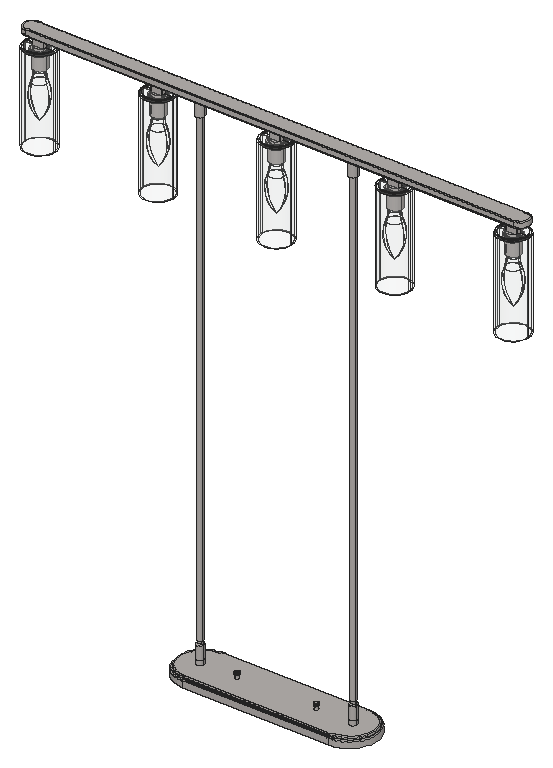
Revit family "Light_Fixture-Chandelier-KOHLER-Crue-K-35877_1", category Lighting Fixtures, host Face, Revit 2024 (continued)
Definition of nested family "K-35877"
  Forms (in)
    Revolve 18, solid
      sketch origin (0, 0, 0) x (1, 0, 0) y (0, 0, 1)
        loop
          arc (21.76956, 42.2312) -> (21.65042, 42.6618) -> (21.61027, 43.10677) r 2.48593
          line (21.61027, 43.10677) -> (21.61027, 43.37073)
        axis (21.12205, 39.10946) -> (21.12205, 43.37073)
      angle from 0 to 360
    Revolve 19, solid
      sketch origin (-10.57087, 0, 0) x (1, 0, 0) y (0, 0, 1)
        loop
          line (21.61027, 43.37073) -> (21.5709, 43.37073) -> (21.5709, 43.10677)
          arc (21.5709, 43.10677) -> (21.61168, 42.65475) -> (21.73272, 42.21733) r 2.5253
          arc (21.73272, 42.21733) -> (21.86395, 40.60453) -> (21.12205, 39.16649) r 2.94049
          line (21.12205, 39.16649) -> (21.12205, 39.10946)
          arc (21.12205, 39.10946) -> (21.89841, 40.57645) -> (21.76956, 42.2312) r 2.97986
          arc (21.76956, 42.2312) -> (21.65042, 42.6618) -> (21.61027, 43.10677) r 2.48593
          line (21.61027, 43.10677) -> (21.61027, 43.37073)
        axis (21.12205, 39.10946) -> (21.12205, 43.37073)
      angle from 0 to 360
    Revolve 20, solid
      sketch origin (-21.12205, 0, 0) x (1, 0, 0) y (0, 0, 1)
        loop
          line (21.61027, 43.37073) -> (21.5709, 43.37073) -> (21.5709, 43.10677)
          arc (21.5709, 43.10677) -> (21.61168, 42.65475) -> (21.73272, 42.21733) r 2.5253
          arc (21.73272, 42.21733) -> (21.86395, 40.60453) -> (21.12205, 39.16649) r 2.94049
          line (21.12205, 39.16649) -> (21.12205, 39.10946)
          arc (21.12205, 39.10946) -> (21.89841, 40.57645) -> (21.76956, 42.2312) r 2.97986
          arc (21.76956, 42.2312) -> (21.65042, 42.6618) -> (21.61027, 43.10677) r 2.48593
          line (21.61027, 43.10677) -> (21.61027, 43.37073)
        axis (21.12205, 39.10946) -> (21.12205, 43.37073)
      angle from 0 to 360
    Revolve 21, solid
      sketch origin (-31.67323, 0, 0) x (1, 0, 0) y (0, 0, 1)
        loop
          line (21.61027, 43.37073) -> (21.5709, 43.37073) -> (21.5709, 43.10677)
          arc (21.5709, 43.10677) -> (21.61168, 42.65475) -> (21.73272, 42.21733) r 2.5253
          arc (21.73272, 42.21733) -> (21.86395, 40.60453) -> (21.12205, 39.16649) r 2.94049
          line (21.12205, 39.16649) -> (21.12205, 39.10946)
          arc (21.12205, 39.10946) -> (21.89841, 40.57645) -> (21.76956, 42.2312) r 2.97986
          arc (21.76956, 42.2312) -> (21.65042, 42.6618) -> (21.61027, 43.10677) r 2.48593
          line (21.61027, 43.10677) -> (21.61027, 43.37073)
        axis (21.12205, 39.10946) -> (21.12205, 43.37073)
      angle from 0 to 360
    Revolve 22, solid
      sketch origin (-42.22441, 0, 0) x (1, 0, 0) y (0, 0, 1)
        loop
          line (21.61027, 43.37073) -> (21.5709, 43.37073) -> (21.5709, 43.10677)
          arc (21.5709, 43.10677) -> (21.61168, 42.65475) -> (21.73272, 42.21733) r 2.5253
          arc (21.73272, 42.21733) -> (21.86395, 40.60453) -> (21.12205, 39.16649) r 2.94049
          line (21.12205, 39.16649) -> (21.12205, 39.10946)
          arc (21.12205, 39.10946) -> (21.89841, 40.57645) -> (21.76956, 42.2312) r 2.97986
          arc (21.76956, 42.2312) -> (21.65042, 42.6618) -> (21.61027, 43.10677) r 2.48593
          line (21.61027, 43.10677) -> (21.61027, 43.37073)
        axis (21.12205, 39.10946) -> (21.12205, 43.37073)
      angle from 0 to 360
    Extrusion 23, solid, material <- "Material", detail levels coarse
      sketch origin (0, 0, 0) x (1, 0, 0) y (0, 1, 0)
        loop
          arc (-21.73224, 0.76061) -> (-22.49285, 0) -> (-21.73224, -0.76061) r 0.76061
          line (-21.73224, -0.76061) -> (21.73706, -0.76061)
          arc (21.73706, -0.76061) -> (22.49767, 0) -> (21.73706, 0.76061) r 0.76061
          line (21.73706, 0.76061) -> (-21.73224, 0.76061)
      from 45.94283 to 46.49606
    Extrusion 24, solid, material <- "Material", detail levels coarse
      sketch origin (0, 0, 0) x (1, 0, 0) y (0, 1, 0)
        loop
          line (3.38583, 0.55118) -> (2.51969, 0.55118)
          arc (2.51969, 0.55118) -> (1.9685, 0) -> (2.51969, -0.55118) r 0.55118
          line (2.51969, -0.55118) -> (3.38583, -0.55118)
          arc (3.38583, -0.55118) -> (3.93701, 0) -> (3.38583, 0.55118) r 0.55118
        loop
          line (-2.51969, 0.55118) -> (-3.38583, 0.55118)
          arc (-3.38583, 0.55118) -> (-3.93701, 0) -> (-3.38583, -0.55118) r 0.55118
          line (-3.38583, -0.55118) -> (-2.51969, -0.55118)
          arc (-2.51969, -0.55118) -> (-1.9685, 0) -> (-2.51969, 0.55118) r 0.55118
      from 45.86963 to 45.94283
  Cuts and joins
    Extrusion 15 cuts Sweep 1
    Extrusion 15 cuts Extrusion 2
    joined: Sweep 1, Extrusion 2
    Extrusion 17 cuts Extrusion 16
    Extrusion 15 cuts Extrusion 14
  Lines and regions (in)
    Masking region 1
      outline origin (0, 0, 0) x (1, 0, 0) y (0, 1, 0)
        loop
          arc (-19.95335, 0.76061) -> (-21.49952, 1.31948) -> (-22.48031, 0) r 1.37795
          arc (-22.48031, 0) -> (-21.49952, -1.31948) -> (-19.95335, -0.76061) r 1.37795
          line (-19.95335, -0.76061) -> (-11.70019, -0.76061)
          arc (-11.70019, -0.76061) -> (-10.55118, -1.37795) -> (-9.40217, -0.76061) r 1.37795
          line (-9.40217, -0.76061) -> (-8.73246, -0.76061)
          arc (-8.73246, -0.76061) -> (-7.87143, -1.92051) -> (-6.49606, -2.3622) r 2.3622
          line (-6.49606, -2.3622) -> (0, -2.3622) -> (6.49606, -2.3622)
          arc (6.49606, -2.3622) -> (7.87143, -1.92051) -> (8.73246, -0.76061) r 2.3622
          line (8.73246, -0.76061) -> (9.40217, -0.76061)
          arc (9.40217, -0.76061) -> (10.55118, -1.37795) -> (11.70019, -0.76061) r 1.37795
          line (11.70019, -0.76061) -> (19.95335, -0.76061)
          arc (19.95335, -0.76061) -> (21.49952, -1.31948) -> (22.48031, 0) r 1.37795
          arc (22.48031, 0) -> (21.49952, 1.31948) -> (19.95335, 0.76061) r 1.37795
          line (19.95335, 0.76061) -> (11.70019, 0.76061)
          arc (11.70019, 0.76061) -> (10.55118, 1.37795) -> (9.40217, 0.76061) r 1.37795
          line (9.40217, 0.76061) -> (8.73246, 0.76061)
          arc (8.73246, 0.76061) -> (7.87143, 1.92051) -> (6.49606, 2.3622) r 2.3622
          line (6.49606, 2.3622) -> (0, 2.3622) -> (-6.49606, 2.3622)
          arc (-6.49606, 2.3622) -> (-7.87143, 1.92051) -> (-8.73246, 0.76061) r 2.3622
          line (-8.73246, 0.76061) -> (-9.40217, 0.76061)
          arc (-9.40217, 0.76061) -> (-10.55118, 1.37795) -> (-11.70019, 0.76061) r 1.37795
          line (-11.70019, 0.76061) -> (-19.95335, 0.76061)
    Masking region 2
      outline origin (0, 0, 0) x (1, 0, 0) y (0, 0, 1)
        loop
          line (-21.10236, 37) -> (-19.72441, 37) -> (-19.72441, 45.01181)
          arc (-19.72441, 45.01181) -> (-19.74171, 45.05357) -> (-19.78346, 45.07087) r 0.05906
          line (-19.78346, 45.07087) -> (-19.92126, 45.07087) -> (-19.92126, 45.11811) -> (-20.61024, 45.11811) -> (-20.61024, 45.94283) -> (-11.04331, 45.94283) -> (-11.04331, 45.11811) -> (-11.73228, 45.11811) -> (-11.73228, 45.07087) -> (-11.87008, 45.07087)
          arc (-11.87008, 45.07087) -> (-11.91184, 45.05357) -> (-11.92913, 45.01181) r 0.05906
          line (-11.92913, 45.01181) -> (-11.92913, 37) -> (-10.55118, 37) -> (-9.17323, 37) -> (-9.17323, 45.01181)
          arc (-9.17323, 45.01181) -> (-9.19053, 45.05357) -> (-9.23228, 45.07087) r 0.05906
          line (-9.23228, 45.07087) -> (-9.37008, 45.07087) -> (-9.37008, 45.11811) -> (-10.05906, 45.11811) -> (-10.05906, 45.94283) -> (-3.93701, 45.94283) -> (-3.93701, 45.86963) -> (-1.9685, 45.86963) -> (-1.9685, 45.94283) -> (-0.49213, 45.94283) -> (-0.49213, 45.11811) -> (-1.1811, 45.11811) -> (-1.1811, 45.07087) -> (-1.3189, 45.07087)
          arc (-1.3189, 45.07087) -> (-1.36066, 45.05357) -> (-1.37795, 45.01181) r 0.05906
          line (-1.37795, 45.01181) -> (-1.37795, 37) -> (0, 37) -> (1.37795, 37) -> (1.37795, 45.01181)
          arc (1.37795, 45.01181) -> (1.36066, 45.05357) -> (1.3189, 45.07087) r 0.05906
          line (1.3189, 45.07087) -> (1.1811, 45.07087) -> (1.1811, 45.11811) -> (0.49213, 45.11811) -> (0.49213, 45.94283) -> (1.9685, 45.94283) -> (1.9685, 45.86963) -> (3.93701, 45.86963) -> (3.93701, 45.94283) -> (10.05906, 45.94283) -> (10.05906, 45.11811) -> (9.37008, 45.11811) -> (9.37008, 45.07087) -> (9.23228, 45.07087)
          arc (9.23228, 45.07087) -> (9.19053, 45.05357) -> (9.17323, 45.01181) r 0.05906
          line (9.17323, 45.01181) -> (9.17323, 37) -> (10.55118, 37) -> (11.92913, 37) -> (11.92913, 45.01181)
          arc (11.92913, 45.01181) -> (11.91184, 45.05357) -> (11.87008, 45.07087) r 0.05906
          line (11.87008, 45.07087) -> (11.73228, 45.07087) -> (11.73228, 45.11811) -> (11.04331, 45.11811) -> (11.04331, 45.94283) -> (20.62992, 45.94283) -> (20.62992, 45.11811) -> (19.94094, 45.11811) -> (19.94094, 45.07087) -> (19.80315, 45.07087)
          arc (19.80315, 45.07087) -> (19.76139, 45.05357) -> (19.74409, 45.01181) r 0.05906
          line (19.74409, 45.01181) -> (19.74409, 37) -> (21.12205, 37) -> (22.5, 37) -> (22.5, 45.01181)
          arc (22.5, 45.01181) -> (22.4827, 45.05357) -> (22.44094, 45.07087) r 0.05906
          line (22.44094, 45.07087) -> (22.30315, 45.07087) -> (22.30315, 45.11811) -> (21.61417, 45.11811) -> (21.61417, 45.94283) -> (22.44094, 45.94283)
          arc (22.44094, 45.94283) -> (22.4827, 45.96013) -> (22.5, 46.00189) r 0.05906
          line (22.5, 46.00189) -> (22.5, 46.43701)
          arc (22.5, 46.43701) -> (22.4827, 46.47877) -> (22.44094, 46.49606) r 0.05906
          line (22.44094, 46.49606) -> (21.10236, 46.49606) -> (-21.10236, 46.49606) -> (-22.42126, 46.49606)
          arc (-22.42126, 46.49606) -> (-22.46302, 46.47877) -> (-22.48031, 46.43701) r 0.05906
          line (-22.48031, 46.43701) -> (-22.48031, 46.00189)
          arc (-22.48031, 46.00189) -> (-22.46302, 45.96013) -> (-22.42126, 45.94283) r 0.05906
          line (-22.42126, 45.94283) -> (-21.59449, 45.94283) -> (-21.59449, 45.11811) -> (-22.28346, 45.11811) -> (-22.28346, 45.07087) -> (-22.42126, 45.07087)
          arc (-22.42126, 45.07087) -> (-22.46302, 45.05357) -> (-22.48031, 45.01181) r 0.05906
          line (-22.48031, 45.01181) -> (-22.48031, 37) -> (-21.10236, 37)
    Masking region 3
      outline origin (0, 0, 0) x (0, 1, 0) y (0, 0, 1)
        loop
          line (0, 46.49606) -> (-0.69212, 46.49606)
          arc (-0.69212, 46.49606) -> (-0.73389, 46.47876) -> (-0.75119, 46.43699) r 0.05907
          line (-0.75119, 46.43699) -> (-0.75119, 46.06629)
          arc (-0.75119, 46.06629) -> (-0.73389, 46.02453) -> (-0.69213, 46.00723) r 0.05906
          line (-0.69213, 46.00723) -> (-0.57197, 46.00723) -> (-0.57197, 45.9461) -> (-0.39274, 45.9461) -> (-0.39274, 45.11811) -> (-1.1811, 45.11811) -> (-1.1811, 45.07087) -> (-1.3189, 45.07087)
          arc (-1.3189, 45.07087) -> (-1.36066, 45.05357) -> (-1.37795, 45.01181) r 0.05906
          line (-1.37795, 45.01181) -> (-1.37795, 37) -> (0, 37) -> (1.37795, 37) -> (1.37795, 45.01181)
          arc (1.37795, 45.01181) -> (1.36066, 45.05357) -> (1.3189, 45.07087) r 0.05906
          line (1.3189, 45.07087) -> (1.1811, 45.07087) -> (1.1811, 45.11811) -> (0.39274, 45.11811) -> (0.39274, 45.9461) -> (0.57197, 45.9461) -> (0.57197, 46.00723) -> (0.69213, 46.00723)
          arc (0.69213, 46.00723) -> (0.73389, 46.02453) -> (0.75119, 46.06629) r 0.05906
          line (0.75119, 46.06629) -> (0.75119, 46.43699)
          arc (0.75119, 46.43699) -> (0.73389, 46.47876) -> (0.69212, 46.49606) r 0.05907
          line (0.69212, 46.49606) -> (0, 46.49606)
    symbolic lines, detail levels medium+fine
      curve 1: line (-19.95335, 0.76061, 0) -> (-21.71954, 0.76061, 0)
      curve 2: line (-19.95335, -0.76061, 0) -> (-21.71954, -0.76061, 0)
      curve 3: line (-11.70019, 0.76061, 0) -> (-9.40217, 0.76061, 0)
      curve 4: line (-11.70019, -0.76061, 0) -> (-9.40217, -0.76061, 0)
      curve 5: line (-8.73246, 0.76061, 0) -> (8.73246, 0.76061, 0)
      curve 6: line (-8.73246, -0.76061, 0) -> (8.73246, -0.76061, 0)
      curve 7: arc (-21.71954, -0.76061, 0) -> (-22.48015, 0, 0) -> (-21.71954, 0.76061, 0) r 0.76061
      curve 8: arc (-1.14901, -0.76061, 0) -> (0, -1.37795, 0) -> (1.14901, -0.76061, 0) r 1.37795
      curve 9: arc (1.14901, 0.76061, 0) -> (0, 1.37795, 0) -> (-1.14901, 0.76061, 0) r 1.37795
      curve 10: line (9.40217, 0.76061, 0) -> (11.70019, 0.76061, 0)
      curve 11: line (9.40217, -0.76061, 0) -> (11.70019, -0.76061, 0)
      curve 12: line (19.95335, 0.76061, 0) -> (21.71954, 0.76061, 0)
      curve 13: line (19.95335, -0.76061, 0) -> (21.71954, -0.76061, 0)
      curve 14: arc (21.71954, -0.76061, 0) -> (22.48015, 0, 0) -> (21.71954, 0.76061, 0) r 0.76061
      curve 15: line (-21.59449, 0, 45.94283) -> (-20.61024, 0, 45.94283)
      curve 16: line (-21.59449, 0, 45.11811) -> (-20.61024, 0, 45.11811)
      curve 17: line (-22.28346, 0, 45.07087) -> (-19.92126, 0, 45.07087)
      curve 18: line (-11.04331, 0, 45.94283) -> (-10.05906, 0, 45.94283)
      curve 19: line (-11.04331, 0, 45.11811) -> (-10.05906, 0, 45.11811)
      curve 20: line (-11.73228, 0, 45.07087) -> (-9.37008, 0, 45.07087)
      curve 21: line (-0.49213, 0, 45.94283) -> (0.49213, 0, 45.94283)
      curve 22: line (-0.49213, 0, 45.11811) -> (0.49213, 0, 45.11811)
      curve 23: line (-1.1811, 0, 45.07087) -> (1.1811, 0, 45.07087)
      curve 24: line (10.05906, 0, 45.94283) -> (11.04331, 0, 45.94283)
      curve 25: line (10.05906, 0, 45.11811) -> (11.24016, 0, 45.11811)
      curve 26: line (9.37008, 0, 45.07087) -> (11.87008, 0, 45.07087)
      curve 27: line (20.53201, 0, 45.94283) -> (21.61417, 0, 45.94283)
      curve 28: line (20.61024, 0, 45.11811) -> (21.64284, 0, 45.11811)
      curve 29: line (19.92126, 0, 45.07087) -> (22.30315, 0, 45.07087)
      curve 30: line (0, -0.57197, 46.00723) -> (0, 0.57197, 46.00723)
      curve 31: line (0, 0.39274, 45.9461) -> (0, 0.39274, 46.00723)
      curve 32: line (0, -0.39274, 45.81038) -> (0, -0.39274, 46.00723)
      curve 33: line (0, 0.39274, 45.11811) -> (0, -0.39274, 45.11811)
      curve 34: line (0, -1.1811, 45.07087) -> (0, 1.3189, 45.07087)
      curve 35: line (0, 0.20669, 46.00723) -> (0, 0.20669, 45.11811)
      curve 36: line (0, -0.20669, 46.00723) -> (0, -0.20669, 45.11811)
      curve 37: line (-3.93701, 0, 45.94283) -> (-1.9685, 0, 45.94283)
      curve 38: line (3.93701, 0, 45.94283) -> (1.9685, 0, 45.94283)
      curve 39: line (-6.53657, 2.1554, 0) -> (6.37911, 2.1554, 0)
      curve 40: line (-6.53657, -2.1554, 0) -> (6.37911, -2.1554, 0)
      curve 41: arc (-6.53657, -2.1554, 0) -> (-7.7653, -1.77087, 0) -> (-8.55561, -0.75447, 0) r 2.1554
      curve 42: arc (6.37911, 2.1554, 0) -> (7.60515, 1.77274, 0) -> (8.39585, 0.76061, 0) r 2.1554
      curve 43: arc (-8.55047, 0.76809, 0) -> (-7.75932, 1.77501, 0) -> (-6.53657, 2.1554, 0) r 2.1554
      curve 44: arc (8.40292, -0.74158, 0) -> (7.61348, -1.76694, 0) -> (6.37911, -2.1554, 0) r 2.1554
  Dimensions and locks (in)
    plane 11 to plane 10 = 8.07087"
    plane 7 to plane 26 = 0.55323"
    aligned and locked: level to plane 2
Definition of nested family "Light_Point_Source"
  Parameters (values of type "Light_Point_Source")
    Wattage = 60 W
    built-in parameter 1150110 = 1 (stored number, unit not read)
    built-in parameter 1114217 = 1 (stored number, unit not read)
    built-in parameter 1150109 = 1 (stored number, unit not read)
    built-in parameter 1150134 = 1
    built-in parameter 1150113 = 1 (stored number, unit not read)
    built-in parameter 1150105 = 95.493 (stored number, unit not read)
    Lumens = 1200 lm
    built-in parameter 1150115 = 1 (stored number, unit not read)
    Light Source Symbol Size = 2 1/2"
    built-in parameter 1150137 = (empty or 0)
    built-in parameter 1150139 = (empty or 0)
    built-in parameter 1150112 = 1 (stored number, unit not read)
    built-in parameter 1150114 = 1 (stored number, unit not read)
    Lamp = "2*E12 Type T Max"
    built-in parameter 1150132 = (empty or 0)
    built-in parameter 1150102 = (empty or 0)
    built-in parameter 1150107 = 6500 (stored number, unit not read)
    built-in parameter 1150138 = (empty or 0)
    built-in parameter 1150106 = 0.95493 (stored number, unit not read)
    Emit from Line Length = 2 127/128"
    built-in parameter 1150104 = 1.8581 (stored number, unit not read)
    Dimming Lamp Color Temperature Shift = 1
    Default Elevation = 48"
    Color Filter = 16777215
    built-in parameter 1114218 = 1 (stored number, unit not read)
    built-in parameter 1150133 = 10 (stored number, unit not read)
    Apparent Load = 0 VA
  Reference planes (in)
    plane 1 "Center (Front/Back)": y = 0
    plane 2: z = 0
    plane 3 "Center (Left/Right)": x = 0
    plane 4: x = 0
    plane 5: z = 0
    plane 6: z = 0
    plane 7: x = 0
    plane 8: x = 0
    plane 9: y = 0
    plane 10: x = 0
    plane 11: y = 0
    plane 12: z = 0
    plane 13: y = 1.5
    plane 14: y = -1.5
  Dimensions and locks (in)
    aligned and locked: plane 2 to level
Types (6): name | Type | Model | Finish
  (no name) | 5 | "K-35877-CH05-TTL" | KOHLER-Metal-TTL-Titanium
  2GL-Brushed Modern Brass | 1 | "K-35877-CH05-2GL" | KOHLER-Metal-2GL-Brushed_Modern_Brass
  BLL-Matte Black | 2 | "K-35877-CH05-BLL" | KOHLER-Metal-BLL-Matte_Black
  BNL-Brushed Nickel | 3 | "K-35877-CH05-BNL" | KOHLER-Metal-BNL-Brushed_Nickel
  CPL-Polished Chrome | 4 | "K-35877-CH05-CPL" | KOHLER-Metal-CPL-Polished_Chrome
  TTL-Titanium | 5 | "K-35877-CH05-TTL" | KOHLER-Metal-TTL-Titanium
